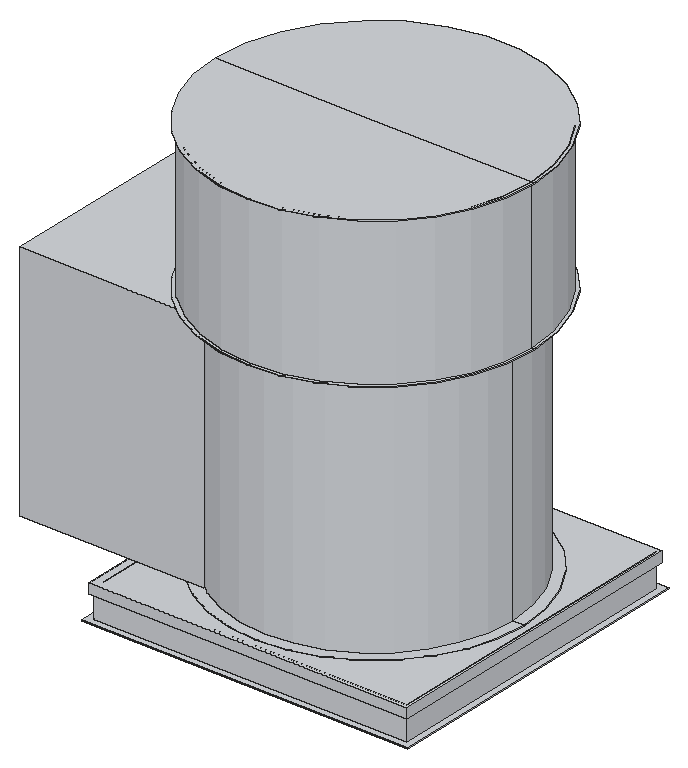
Revit family "AVAB_Roof_Exhauster", category Mechanical Equipment, Revit 2019
Family settings
  Round Connector Dimension = Use Diameter
  Part Type = Normal
  Work Plane-Based = No
  Always vertical = Yes
  Cut with Voids When Loaded = No
  Shared = No
  Room Calculation Point = No
Parameters (values of type "79_AVAB_ROOF_EXHAUSTER")
  Unit Weight [instance] = ""
  UP_A = 9' - 9 5/8"
  T_SQ = 7' - 7"
  RO/2 = RO / 2  # 3' - 7 1/4"
  RO = T_SQ - 0' 4 1/2"  # 7' - 2 1/2"
  P/2 = P / 2  # 0' - 0 3/8"
  P = 0' - 0 3/4"
  N = 2' - 3 3/8"
  ModelID [instance] = ""
  M/2 = M / 2  # 3' - 7 1/2"
  M = 7' - 3"
  L-.125" = L - 0' 0 1/8"  # 3' - 11 3/8"
  K+K = K + K  # 0' - 4 1/2"
  K = 0' - 2 1/4"
  J/2 = J / 2  # 2' - 9 3/4"
  J = 5' - 7 1/2"
  L-(C/2) = L - (C / 2)  # 0' - 6 1/16"
  L = 3' - 11 1/2"
  H-(A/2) = H - (A / 2)  # 3' - 1 1/4"
  H+L = H + L  # 10' - 4 1/8"
  H = 6' - 4 5/8"
  Sones [instance] = ""
  Motor RPM [instance] = ""
  Motor Enclosure [instance] = ""
  LwA [instance] = ""
  G = 16' - 0"
  Fan RPM [instance] = ""
  F/2 = F / 2  # 0' - 0 11/32"
  F = 0' - 0 11/16"
  E/2 = E / 2  # 3' - 0"
  E-2" = E - 0' 2"  # 5' - 10"
  E = 6' - 0"
  CURB_HEIGHT [instance] = 0' - 9 1/2"
  CURB [instance] = yes
  C/2+L = C / 2 + L  # 7' - 4 15/16"
  C/2 = C / 2  # 3' - 5 7/16"
  C = 6' - 10 7/8"
  B/2 = B / 2  # 3' - 6 25/32"
  B = 7' - 1 9/16"
  Accessories [instance] = ""
  A/3 = A / 2.5  # 2' - 7 1/2"
  A/2 = A / 2  # 3' - 3 3/8"
  A = 6' - 6 3/4"
  60 = 60.00°  # constant formula
  30 = 30.00°  # constant formula
  3" = 0' - 3"  # constant formula
  Brake Hp [instance] = ""
  4" = 0' - 4"  # constant formula
  2' = 2' - 0"
  2" = 0' - 2"  # constant formula
  1" = 0' - 1"  # constant formula
  0 = 0' - 0"  # constant formula
  Voltage [instance] = 0 V
  URL = "www.lorencook.com"
  Type Comments = "Adjustable Pitch Vane Axial Roof Exhauster Belt Drive Arrangement 9"  # constant formula
  Static Pressure [instance] = 0.00 in-wg
  Power [instance] = Voltage * Motor FLA * sqrt(if(Phase = 3, 3, 1))  # 0 VA
  Phase [instance] = 0
  Number of Poles [instance] = 1
  Motor Hp [instance] = "0"
  Motor FLA [instance] = 0 A
  Model = "AVAB"  # constant formula
  Manufacturer = "Loren Cook Company"
  CFM [instance] = 0 CFM
  1.5 = 0' - 1 1/2"  # constant formula
  ONE EIGTH = 0' - 0 1/8"  # constant formula
  -E/2 = -E / 2  # -3' - 0"
  -(E/2)+2" = -(E / 2) + 0' 2"  # -2' - 10"
  -(E-.25")/2 = -(E - 0' 0 1/4") / 2  # -2' - 11 7/8"
  (T_SQ/2)+.125" = (T_SQ / 2) + 0' 0 1/8"  # 3' - 9 5/8"
  (H-(A/2))/2 = (H - (A / 2)) / 2  # 1' - 6 5/8"
  (E/2)-2" = (E / 2) - 0' 2"  # 2' - 10"
  (E-.25")/2 = (E - 0' 0 1/4") / 2  # 2' - 11 7/8"
  (B/2)+2" = (B / 2) + 0' 2"  # 3' - 8 25/32"
  (A+.25")/2 = (A + 0' 0 1/4") / 2  # 3' - 3 1/2"
Types (9): name | UP_A | T_SQ | RO/2 | RO | P/2 | P | N | M/2 | M | L-.125" | K+K | K | J/2 | J | L-(C/2) | L | H-(A/2) | H+L | H | G | F/2 | F | E/2 | E-2" | E | C/2+L | C/2 | C | B/2 | B | A/3 | A/2 | A | -E/2 | -(E/2)+2" | -(E-.25")/2 | (T_SQ/2)+.125" | (H-(A/2))/2 | (E/2)-2" | (E-.25")/2 | (B/2)+2" | (A+.25")/2
  (no name) | 9' - 9 5/8" | 7' - 7" | 3' - 7 1/4" | 7' - 2 1/2" | 0' - 0 3/8" | 0' - 0 3/4" | 2' - 3 3/8" | 3' - 7 1/2" | 7' - 3" | 3' - 11 3/8" | 0' - 4 1/2" | 0' - 2 1/4" | 2' - 9 3/4" | 5' - 7 1/2" | 0' - 6 1/16" | 3' - 11 1/2" | 3' - 1 1/4" | 10' - 4 1/8" | 6' - 4 5/8" | 16' - 0" | 0' - 0 11/32" | 0' - 0 11/16" | 3' - 0" | 5' - 10" | 6' - 0" | 7' - 4 15/16" | 3' - 5 7/16" | 6' - 10 7/8" | 3' - 6 25/32" | 7' - 1 9/16" | 2' - 7 1/2" | 3' - 3 3/8" | 6' - 6 3/4" | -3' - 0" | -2' - 10" | -2' - 11 7/8" | 3' - 9 5/8" | 1' - 6 5/8" | 2' - 10" | 2' - 11 7/8" | 3' - 8 25/32" | 3' - 3 1/2"
  35_AVAB_ROOF_EXHAUSTER | 6' - 0" | 3' - 10" | 1' - 8 3/4" | 3' - 5 1/2" | 0' - 0 5/16" | 0' - 0 5/8" | 1' - 0" | 1' - 8 1/2" | 3' - 5" | 1' - 10 7/8" | 0' - 3 1/4" | 0' - 1 5/8" | 1' - 7 7/8" | 3' - 3 3/4" | 0' - 4" | 1' - 11" | 2' - 6 1/8" | 5' - 10 7/8" | 3' - 11 7/8" | 12' - 0" | 0' - 0 9/32" | 0' - 0 9/16" | 1' - 9 1/2" | 3' - 5" | 3' - 7" | 3' - 6" | 1' - 7" | 3' - 2" | 1' - 7 15/16" | 3' - 3 7/8" | 1' - 2.2" | 1' - 5 3/4" | 2' - 11 1/2" | -1' - 9 1/2" | -1' - 7 1/2" | -1' - 9 3/8" | 1' - 11 1/8" | 1' - 3 1/16" | 1' - 7 1/2" | 1' - 9 3/8" | 1' - 9 15/16" | 1' - 5 7/8"
  39_AVAB_ROOF_EXHAUSTER | 6' - 0" | 4' - 2" | 1' - 10 3/4" | 3' - 9 1/2" | 0' - 0 5/16" | 0' - 0 5/8" | 1' - 1 3/8" | 1' - 10 1/2" | 3' - 9" | 2' - 1 7/8" | 0' - 3 1/2" | 0' - 1 3/4" | 1' - 7 3/4" | 3' - 3 1/2" | 0' - 5 1/16" | 2' - 2" | 2' - 6 3/16" | 6' - 3 7/8" | 4' - 1 7/8" | 12' - 0" | 0' - 0 9/32" | 0' - 0 9/16" | 1' - 9 1/2" | 3' - 5" | 3' - 7" | 3' - 10 15/16" | 1' - 8 15/16" | 3' - 5 7/8" | 1' - 9 31/32" | 3' - 7 15/16" | 1' - 3 3/4" | 1' - 7 11/16" | 3' - 3 3/8" | -1' - 9 1/2" | -1' - 7 1/2" | -1' - 9 3/8" | 2' - 1 1/8" | 1' - 3 3/32" | 1' - 7 1/2" | 1' - 9 3/8" | 1' - 11 31/32" | 1' - 7 13/16"
  44_AVAB_ROOF_EXHAUSTER | 6' - 4" | 4' - 7 1/2" | 2' - 1 1/2" | 4' - 3" | 0' - 0 5/16" | 0' - 0 5/8" | 1' - 3 3/8" | 2' - 1 1/2" | 4' - 3" | 2' - 4 3/8" | 0' - 3 1/2" | 0' - 1 3/4" | 1' - 9 3/4" | 3' - 7 1/2" | 0' - 4 13/16" | 2' - 4 1/2" | 2' - 7 3/16" | 6' - 9 3/4" | 4' - 5 1/4" | 12' - 0" | 0' - 0 9/32" | 0' - 0 9/16" | 1' - 11 1/2" | 3' - 9" | 3' - 11" | 4' - 4 3/16" | 1' - 11 11/16" | 3' - 11 3/8" | 2' - 0 13/16" | 4' - 1 5/8" | 1' - 5.65" | 1' - 10 1/16" | 3' - 8 1/8" | -1' - 11 1/2" | -1' - 9 1/2" | -1' - 11 3/8" | 2' - 3 7/8" | 1' - 3 19/32" | 1' - 9 1/2" | 1' - 11 3/8" | 2' - 2 13/16" | 1' - 10 3/16"
  49_AVAB_ROOF_EXHAUSTER | 7' - 4 1/2" | 5' - 0 1/2" | 2' - 4" | 4' - 8" | 0' - 0 5/16" | 0' - 0 5/8" | 1' - 5" | 2' - 4" | 4' - 8" | 2' - 7 3/8" | 0' - 3 1/2" | 0' - 1 3/4" | 1' - 9 3/4" | 3' - 7 1/2" | 0' - 5 1/4" | 2' - 7 1/2" | 2' - 5 1/8" | 7' - 1 1/4" | 4' - 5 3/4" | 12' - 0" | 0' - 0 9/32" | 0' - 0 9/16" | 1' - 11 1/2" | 3' - 9" | 3' - 11" | 4' - 9 3/4" | 2' - 2 1/4" | 4' - 4 1/2" | 2' - 3 3/8" | 4' - 6 3/4" | 1' - 7.7" | 2' - 0 5/8" | 4' - 1 1/4" | -1' - 11 1/2" | -1' - 9 1/2" | -1' - 11 3/8" | 2' - 6 3/8" | 1' - 2 9/16" | 1' - 9 1/2" | 1' - 11 3/8" | 2' - 5 3/8" | 2' - 0 3/4"
  57_AVAB_ROOF_EXHAUSTER | 8' - 6 1/2" | 5' - 8 1/2" | 2' - 8" | 5' - 4" | 0' - 0 5/16" | 0' - 0 5/8" | 1' - 9" | 2' - 10" | 5' - 8" | 2' - 8 7/8" | 0' - 3 1/2" | 0' - 1 3/4" | 2' - 4 3/4" | 4' - 9 1/2" | 0' - 3 1/16" | 2' - 9" | 3' - 1 3/16" | 8' - 2 3/4" | 5' - 5 3/4" | 12' - 0" | 0' - 0 9/32" | 0' - 0 9/16" | 2' - 6 1/2" | 4' - 11" | 5' - 1" | 5' - 2 15/16" | 2' - 5 15/16" | 4' - 11 7/8" | 2' - 7 5/16" | 5' - 2 5/8" | 1' - 10.85" | 2' - 4 9/16" | 4' - 9 1/8" | -2' - 6 1/2" | -2' - 4 1/2" | -2' - 6 3/8" | 2' - 10 3/8" | 1' - 6 19/32" | 2' - 4 1/2" | 2' - 6 3/8" | 2' - 9 5/16" | 2' - 4 11/16"
  63_AVAB_ROOF_EXHAUSTER | 8' - 6 1/2" | 6' - 2 1/4" | 2' - 10 7/8" | 5' - 9 3/4" | 0' - 0 3/8" | 0' - 0 3/4" | 1' - 9 5/8" | 2' - 11" | 5' - 10" | 3' - 3 7/8" | 0' - 3 1/2" | 0' - 1 3/4" | 2' - 4 3/4" | 4' - 9 1/2" | 0' - 6 7/8" | 3' - 4" | 3' - 1 1/8" | 9' - 0 5/8" | 5' - 8 5/8" | 16' - 0" | 0' - 0 11/32" | 0' - 0 11/16" | 2' - 6 1/2" | 4' - 11" | 5' - 1" | 6' - 1 1/8" | 2' - 9 1/8" | 5' - 6 1/4" | 2' - 10 1/4" | 5' - 8 1/2" | 2' - 1.2" | 2' - 7 1/2" | 5' - 3" | -2' - 6 1/2" | -2' - 4 1/2" | -2' - 6 3/8" | 3' - 1 1/4" | 1' - 6 9/16" | 2' - 4 1/2" | 2' - 6 3/8" | 3' - 0 1/4" | 2' - 7 5/8"
  71_AVAB_ROOF_EXHAUSTER | 9' - 5 1/2" | 6' - 11" | 3' - 3 1/4" | 6' - 6 1/2" | 0' - 0 3/8" | 0' - 0 3/4" | 2' - 0 3/8" | 3' - 3 1/4" | 6' - 6 1/2" | 3' - 7 7/8" | 0' - 4 1/2" | 0' - 2 1/4" | 2' - 9 3/4" | 5' - 7 1/2" | 0' - 6 1/2" | 3' - 8" | 3' - 1 5/16" | 9' - 8 3/4" | 6' - 0 3/4" | 16' - 0" | 0' - 0 11/32" | 0' - 0 11/16" | 3' - 0" | 5' - 10" | 6' - 0" | 6' - 9 1/2" | 3' - 1 1/2" | 6' - 3" | 3' - 2 13/16" | 6' - 5 5/8" | 2' - 4.35" | 2' - 11 7/16" | 5' - 10 7/8" | -3' - 0" | -2' - 10" | -2' - 11 7/8" | 3' - 5 5/8" | 1' - 6 21/32" | 2' - 10" | 2' - 11 7/8" | 3' - 4 13/16" | 2' - 11 9/16"
  79_AVAB_ROOF_EXHAUSTER | 9' - 9 5/8" | 7' - 7" | 3' - 7 1/4" | 7' - 2 1/2" | 0' - 0 3/8" | 0' - 0 3/4" | 2' - 3 3/8" | 3' - 7 1/2" | 7' - 3" | 3' - 11 3/8" | 0' - 4 1/2" | 0' - 2 1/4" | 2' - 9 3/4" | 5' - 7 1/2" | 0' - 6 1/16" | 3' - 11 1/2" | 3' - 1 1/4" | 10' - 4 1/8" | 6' - 4 5/8" | 16' - 0" | 0' - 0 11/32" | 0' - 0 11/16" | 3' - 0" | 5' - 10" | 6' - 0" | 7' - 4 15/16" | 3' - 5 7/16" | 6' - 10 7/8" | 3' - 6 25/32" | 7' - 1 9/16" | 2' - 7 1/2" | 3' - 3 3/8" | 6' - 6 3/4" | -3' - 0" | -2' - 10" | -2' - 11 7/8" | 3' - 9 5/8" | 1' - 6 5/8" | 2' - 10" | 2' - 11 7/8" | 3' - 8 25/32" | 3' - 3 1/2"
Reference planes (in)
  plane 1 "Center (Front/Back)": y = 0
  plane 2: z = 0
  plane 3 "Center (Left/Right)": x = 0.40541
Forms (in)
  Revolve 1, solid
    sketch origin (0, 0, 0) x (1, 0, 0) y (0, 0, 1)
      loop
        line (0.40541, 3) -> (43.18666, 3) -> (43.18666, 3.125) -> (39.90541, 3.125) -> (39.90541, 74.875) -> (43.18666, 74.875) -> (43.18666, 75) -> (0.40541, 75) -> (0.40541, 3)
      axis (0.40541, 75) -> (0.40541, 3)
    angle from 0 to 360
  Extrusion 2, solid
    sketch origin (0, 0, 0) x (1, 0, 0) y (0, 1, 0)
      loop
        line (-23.42734, 31.5) -> (-76.21959, 31.5) -> (-76.21959, -31.5) -> (-23.42734, -31.5)
        arc (-23.42734, -31.5) -> (-39.09459, 0) -> (-23.42734, 31.5) r 39.5
    from 72 <- "E" to 3
  Extrusion 3, solid
    sketch origin (0, 0, 0) x (1, 0, 0) y (0, 1, 0)
      loop
        line (-45.21959, 45.625) -> (-45.21959, -45.625) -> (46.03041, -45.625) -> (46.03041, 45.625) -> (-45.21959, 45.625)
    from 0 to 3
  Extrusion 4, void
    sketch origin (0, 0, 0) x (1, 0, 0) y (0, 1, 0)
      loop
        line (-45.09459, 45.5) -> (-45.09459, -45.5) -> (45.90541, -45.5) -> (45.90541, 45.5) -> (-45.09459, 45.5)
    from 0 to 2.875
  Revolve 5, solid
    sketch origin (0, 0, 0) x (1, 0, 0) y (0, 0, 1)
      loop
        line (0.40541, 74.875) -> (46.18666, 74.875) -> (46.18666, 75) -> (45.18666, 75) -> (45.18666, 117.5) -> (46.18666, 117.5) -> (46.18666, 117.625) -> (0.40541, 117.625) -> (0.40541, 74.875)
      axis (0.40541, 117.625) -> (0.40541, 74.875)
    angle from 0 to 360
  Extrusion 6, solid, visible <- "CURB"
    sketch origin (0, 0, 2.875) x (0, 1, 0) y (1, 0, 0)
      loop
        line (43.25, -42.84459) -> (43.25, 43.65541) -> (-43.25, 43.65541) -> (-43.25, -42.84459) -> (43.25, -42.84459)
      loop
        line (-44.75, 45.15541) -> (-44.75, -44.34459) -> (44.75, -44.34459) -> (44.75, 45.15541) -> (-44.75, 45.15541)
    from 0 to 9.5 <- "CURB_HEIGHT"
  Extrusion 7, solid, visible <- "CURB"
    sketch origin (0, 0, -6.625) x (-1, 0, 0) y (0, 1, 0)
      loop
        line (44.34459, -44.75) -> (44.34459, 44.75) -> (-45.15541, 44.75) -> (-45.15541, -44.75) -> (44.34459, -44.75)
      loop
        line (-47.15541, 46.75) -> (-47.15541, -46.75) -> (46.34459, -46.75) -> (46.34459, 46.75) -> (-47.15541, 46.75)
    from 0 to -0.125
Cuts and joins
  Extrusion 4 cuts Extrusion 3
Dimensions and locks (in)
  "0": Revolve 1 sketch curve to plane 3 "Center (Left/Right)"  (x2)
  "(A+.25")/2": Revolve 1 sketch curve to Revolve 1 sketch curve
  "B/2": Revolve 1 sketch curve to Revolve 1 sketch curve  (x2)
  "ONE EIGTH": Revolve 1 sketch curve to Revolve 1 sketch curve  (x2)
  "0": Extrusion 2 sketch curve to plane 3 "Center (Left/Right)"
  "0": Extrusion 2 sketch curve to plane 1 "Center (Front/Back)"
  "A/3": Extrusion 2 sketch curve to plane 1 "Center (Front/Back)"  (x2)
  "H": Extrusion 2 sketch curve to plane 3 "Center (Left/Right)"
  "E": Revolve 1 sketch curve to Revolve 1 sketch curve
  "3"": Revolve 1 sketch curve to level
  "(T_SQ/2)+.125"": Extrusion 3 sketch curve to plane 3 "Center (Left/Right)"
  "(T_SQ/2)+.125"": plane 3 "Center (Left/Right)" to Extrusion 3 sketch curve
  "(T_SQ/2)+.125"": plane 1 "Center (Front/Back)" to Extrusion 3 sketch curve
  "(T_SQ/2)+.125"": Extrusion 3 sketch curve to plane 1 "Center (Front/Back)"
  "ONE EIGTH": Extrusion 4 sketch curve to Extrusion 3  (x2)
  "ONE EIGTH": Extrusion 3 to Extrusion 4 sketch curve  (x2)
  "0": Revolve 5 sketch curve to plane 3 "Center (Left/Right)"  (x2)
  "0": Revolve 5 sketch curve to Revolve 1
  "ONE EIGTH": Revolve 5 sketch curve to Revolve 5 sketch curve  (x2)
  "UP_A": Revolve 5 sketch curve to level
  "1"": Revolve 5 sketch curve to Revolve 5 sketch curve  (x2)
  "(B/2)+2"": Revolve 5 sketch curve to plane 3 "Center (Left/Right)"
  "1.5": Extrusion 6 sketch curve to Extrusion 6 sketch curve  (x4)
  "RO/2": Extrusion 6 sketch curve to plane 3 "Center (Left/Right)"
  "RO/2": plane 3 "Center (Left/Right)" to Extrusion 6 sketch curve
  "RO/2": plane 1 "Center (Front/Back)" to Extrusion 6 sketch curve
  "RO/2": Extrusion 6 sketch curve to plane 1 "Center (Front/Back)"
  "2"": Extrusion 7 sketch curve to Extrusion 7 sketch curve  (x4)
  "0": Extrusion 7 sketch curve to Extrusion 6  (x3)
  "0": Extrusion 6 to Extrusion 7 sketch curve
  "(A+.25")/2": radius of Extrusion 2 sketch curve
Automatic sketch dimensions
  Extrusion 2 sketch curve to Extrusion 2 sketch curve = 0' - 0"
  Revolve 1 sketch curve to level = 0' - 11 7/8"
  level to Revolve 1 sketch curve = 0' - 0 1/8"
  level to Revolve 5 sketch curve = 2' - 7.20035"
  Revolve 5 sketch curve to Revolve 5 sketch curve = 2' - 0"
Connectors (in)
  electrical at (-49.82346, -31.5, 37.5)
    settings: on Extrusion 2, index 1, voltage 0 V, apparent load 0 VA, apparent load phase1 0 VA, apparent load phase2 0 VA, apparent load phase3 0 VA, power factor 1, load classification "Other", number of poles 1, system type 30, power factor state 1, is connector primary yes, connector utility no, sub classification motor no, connector description ""
  hvac at (0.40541, 0, 2.875), driven by "CFM", driven by "RO", driven by "RO"
    settings: on cut or joined group of Extrusion 3, Extrusion 4, index 2, duct flow 0 CFM, flow factor 0, pres drop 0.00 in-wg, loss coef 0, conn angle 0.00°, conn width 86 1/2", conn height 86 1/2", conn diameter 24", duct sys type 3, conn prof type 1, flow config 0, flow direction 1, loss method 0, conn ref index -1, conn util no, is conn primary yes, conn desc ""
